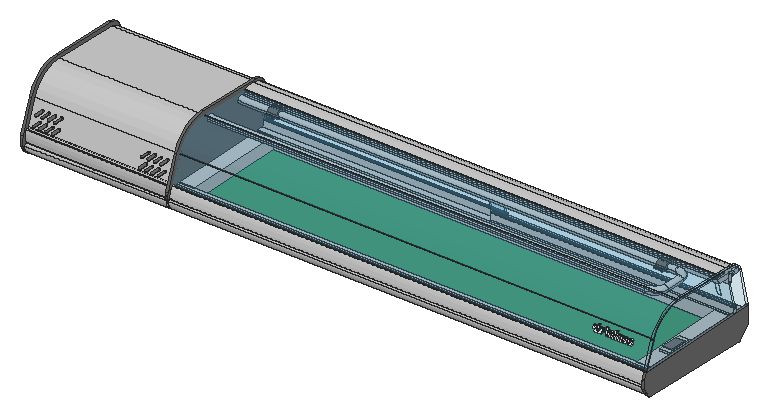
Revit family "QF_INFRICO_VSU8P_250818083515", category Specialty Equipment, Revit 2021
Family settings
  Round Connector Dimension = Use Diameter
  Part Type = Normal
  OmniClass Number = 23.40.40.14
  OmniClass Title = Food Service Equipment
  Work Plane-Based = No
  Always vertical = Yes
  Cut with Voids When Loaded = No
  Shared = No
  Room Calculation Point = No
Parameters (values of type "VSU8P")
  Weight [instance] = 0.00 kg
  Warranty Start Date [instance] = ""
  Warranty Duration [instance] = ""
  Volts [instance] = 230 V
  Volt Free Conn [instance] = no
  URL Recommended Spares List [instance] = ""
  URL Manufacturer [instance] = ""
  URL Cutsheet [instance] = ""
  URL Critical Spares List [instance] = ""
  URL = "www.infrico.com"
  Technical Documentation [instance] = ""
  Tag Number [instance] = ""
  Status [instance] = ""
  Start Up Current [instance] = 0 A
  Specification by User [instance] = ""
  Specification by Manufacturer [instance] = ""
  Sound Level [instance] = ""
  Show Logo [instance] = yes
  Show Clearances [instance] = yes
  Service Life Duration [instance] = ""
  Serial Number [instance] = ""
  Seismic Rating [instance] = ""
  SMACNA No [instance] = ""
  Revision Code [instance] = ""
  Revision [instance] = ""
  Production Year [instance] = ""
  Potential Equalisation [instance] = no
  Point Load [instance] = 0
  Phase [instance] = 1
  Other Equipment Approvals [instance] = ""
  Operational Current [instance] = 0 A
  Number of Poles [instance] = 2
  No Load Power Draw [instance] = no
  NAFEM Spec ID Number [instance] = ""
  Model Warning [instance] = ""
  Model = "VSU8P"
  Min Ckt Ampacity [instance] = 0 A
  Max Overcurrent Protection [instance] = 0 A
  Masterspec [instance] = ""
  Manufacturer = "INFRICO"
  Main switch integrated [instance] = no
  Length Actual [instance] = 1972 mm
  Item Number [instance] = ""
  Installed By [instance] = ""
  Installation Date [instance] = ""
  Identify Quantity as Lot [instance] = no
  ID [instance] = ""
  Hygiene Approval [instance] = ""
  Height Actual [instance] = 230 mm
  HP power [instance] = ""
  Furnished By [instance] = ""
  Foodservice Equipment Identifier [instance] = no
  FL Amps [instance] = 0 A
  Electrical Remarks [instance] = ""
  Electric power [instance] = 200 W
  Electric Connection Type [instance] = ""
  Elec Conn RI Height [instance] = 0 mm
  Elec Conn Connection Height [instance] = 0 mm
  ETL Approved [instance] = no
  Description = "SUSHI FISH AND SEAFOOD DISPLAY CASE - R600"
  Depth Actual [instance] = 410 mm
  Default Elevation = 0 mm
  Cycle [instance] = 50 Hz
  Cost = 0
  Connection to energy optimisation system [instance] = yes
  Conn Plug [instance] = ""
  Conn Conduit [instance] = no
  Centralized building control system with digital interface [instance] = ""
  CSI MasterFormat [instance] = ""
  CE Approved [instance] = no
  Barcode [instance] = 0
  Author [instance] = ""
  Asset Identifier [instance] = ""
  Apparent Power [instance] = 200 VA
  Accessory [instance] = no
Reference planes
  plane 1 "Center (Front/Back)": y = 0
  plane 2: z = 0
  plane 3 "Center (Left/Right)": x = 0
Forms (mm)
  Extrusion 1, solid, not visible
    sketch origin (1942.095, -69.503, 10) x (1, 0, 0) y (0, 1, 0)
      loop
        line (-2, 2) -> (-2, -2) -> (2, -2) -> (2, 2) -> (-2, 2)
    from -2 to 2
Dimensions and locks
  locked: nested 2 to Extrusion 1 at 2  (x2)
  aligned and locked: level to plane 2
Nested families
  nested 1: "QF_INFRICO_VSU8P_2920" at (0, 0, 0), type "VSU8P"
    with Weight 0.00 kg, Warranty Start Date "", Warranty Duration "", URL Cutsheet "", Technical Documentation "", Tag Number "", Status "", Specification by User "", Specification by Manufacturer "", Sound Level "", Solid Fuel Type "", Show Logo yes, Show Clearances yes, Show Clearance yes, Service Life Duration "", Serial Number "", Seismic Rating "", SMACNA No "", Revision Code "", Revision "", Production Year "", Point Load 0, Other Equipment Approvals "", NAFEM Spec ID Number "", Model Warning "", Masterspec "", Length Actual 1972 mm, Item Number "", Installed By "", Installation Date "", Identify Quantity as Lot yes, ID "", Hygiene Approval "", Height Actual 230 mm, Furnished By "", Foodservice Equipment Identifier yes, ETL Approved yes, Depth Actual 410 mm, CSI MasterFormat "", CE Approved no, Barcode "", Author "", Asset Identifier "", Accessory no
  nested 2: "CONN_POINT_ELE_2D___Generic_Annotation" at (1942.095, -69.503, 8), type "CONN_POINT_ELE_2D___Generic_Annotation"
    with Onboard connection annotation symbol visibility yes
Connectors
  electrical at (1942.095, -69.503, 8), driven by "Apparent Power", driven by "Number of Poles", driven by "Volts"
    settings: on Extrusion 1, index 1, voltage 230 V, apparent load 0 VA, apparent load phase1 200 VA, apparent load phase2 0 VA, apparent load phase3 0 VA, power factor 1, load classification "Other", number of poles 2, system type 31, power factor state 1, is connector primary yes, connector utility no, sub classification motor no, connector description "Electrical connection for VSU8P"
Definition of nested family "QF_INFRICO_VSU8P_2920"
  Parameters (values of type "VSU8P")
    Weight [instance] = 0.00 kg
    Warranty Start Date [instance] = ""
    Warranty Duration [instance] = ""
    URL Cutsheet [instance] = ""
    URL = "www.infrico.com"
    Technical Documentation [instance] = ""
    Tag Number [instance] = ""
    Status [instance] = ""
    Specification by User [instance] = ""
    Specification by Manufacturer [instance] = ""
    Sound Level [instance] = ""
    Solid Fuel Type [instance] = ""
    Show Logo [instance] = yes
    Show Clearances [instance] = yes
    Show Clearance [instance] = yes
    Service Life Duration [instance] = ""
    Serial Number [instance] = ""
    Seismic Rating [instance] = ""
    SMACNA No [instance] = ""
    Revision Code [instance] = ""
    Revision [instance] = ""
    Production Year [instance] = ""
    Point Load [instance] = 0
    Other Equipment Approvals [instance] = ""
    NAFEM Spec ID Number [instance] = ""
    Model Warning [instance] = ""
    Model = "VSU8P"
    Masterspec [instance] = ""
    Manufacturer = "INFRICO"
    Length Actual [instance] = 0 mm
    Item Number [instance] = ""
    Installed By [instance] = ""
    Installation Date [instance] = ""
    Identify Quantity as Lot [instance] = yes
    ID [instance] = ""
    Hygiene Approval [instance] = ""
    Height Actual [instance] = 0 mm
    Furnished By [instance] = ""
    Foodservice Equipment Identifier [instance] = yes
    ETL Approved [instance] = yes
    Description = "SUSHI FISH AND SEAFOOD DISPLAY CASE - R600"
    Depth Actual [instance] = 0 mm
    Default Elevation = 0 mm
    CSI MasterFormat [instance] = ""
    CE Approved [instance] = yes
    Barcode [instance] = ""
    Author [instance] = ""
    Asset Identifier [instance] = ""
    Assembly Code = "E1090320"
    Accessory [instance] = yes
  Reference planes
    plane 1 "Back": y = 0
    plane 2: z = 0
    plane 3 "Left": x = 0
    plane 4 "Right": x = 1972
    plane 5 "Front": y = -410
    plane 6 "Top": z = 230
  Forms (mm)
    Extrusion 1, solid
      sketch origin (0, 0, 0) x (0, 1, 0) y (0, 0, 1)
        loop
          arc (-36, 5) -> (-33.764, 5.528) -> (-32, 7) r 5
          line (-32, 7) -> (-1, 42)
          arc (-1, 42) -> (-0.257, 43.419) -> (0, 45) r 5
          line (0, 45) -> (0, 93) -> (-25, 203)
          arc (-25, 203) -> (-37.292, 222.429) -> (-59, 230) r 34.907
          line (-59, 230) -> (-266.176, 230)
          arc (-266.176, 230) -> (-331.51, 209.383) -> (-373.176, 155) r 113.827
          line (-373.176, 155) -> (-407.176, 61)
          arc (-407.176, 61) -> (-407.489, 29.671) -> (-388.176, 5) r 47.366
          line (-388.176, 5) -> (-36, 5)
      from 0 to 8
    Extrusion 2, solid
      sketch origin (458, 0, 0) x (0, 1, 0) y (0, 0, 1)
        loop
          line (-59, 230) -> (-266.176, 230)
          arc (-266.176, 230) -> (-331.51, 209.383) -> (-373.176, 155) r 113.827
          line (-373.176, 155) -> (-407.176, 61)
          arc (-407.176, 61) -> (-408.779, 55.576) -> (-409.723, 50) r 47.366
          arc (-409.723, 50) -> (-407.199, 42.249) -> (-399.723, 39) r 9.929
          line (-399.723, 39) -> (-362.091, 39) -> (-362.091, 5) -> (-95.091, 5) -> (-95.091, 78) -> (-58.091, 78) -> (-58.091, 85) -> (-4.091, 85) -> (-4.091, 111) -> (-25, 203)
          arc (-25, 203) -> (-37.292, 222.429) -> (-59, 230) r 34.907
      from 0 to 8
    Extrusion 3, solid
      sketch origin (0, 0, 0) x (0, 1, 0) y (0, 0, 1)
        loop
          line (-59, 221) -> (-266.176, 221)
          arc (-266.176, 221) -> (-326.388, 201.982) -> (-364.752, 151.829) r 104.827
          line (-364.752, 151.829) -> (-398, 59.909) -> (-396.119, 59.228) -> (-389.691, 77) -> (-387.723, 77) -> (-384.723, 74) -> (-379.723, 74) -> (-379.723, 49)
          arc (-379.723, 49) -> (-382.652, 41.929) -> (-389.723, 39) r 10
          line (-389.723, 39) -> (-399.723, 39)
          arc (-399.723, 39) -> (-403.098, 36.729) -> (-404.723, 33) r 7.268
          arc (-404.723, 33) -> (-399.374, 15.527) -> (-382.723, 8) r 22.18
          line (-382.723, 8) -> (-36.98, 8) -> (-4.091, 45) -> (-4.091, 85) -> (-20, 85) -> (-20, 154) -> (-30, 197)
          arc (-30, 197) -> (-40.178, 214.222) -> (-59, 221) r 29.521
      from 8 to 458
    Extrusion 4, solid
      sketch origin (0, 0, 0) x (0, 1, 0) y (0, 0, 1)
        loop
          line (-398, 77) -> (-399, 77)
          arc (-399, 77) -> (-399.594, 76.594) -> (-400, 76) r 1.947
          arc (-400, 76) -> (-402, 59) -> (-400, 42) r 73.25
          line (-400, 42) -> (-398, 42) -> (-398, 49) -> (-390, 49) -> (-390, 42) -> (-388, 42) -> (-388, 77) -> (-389, 77) -> (-390, 76) -> (-390, 57) -> (-398, 57) -> (-398, 77)
      from 8 to 458
    Extrusion 5, solid
      sketch origin (0, 0, 0) x (0, 1, 0) y (0, 0, 1)
        loop
          arc (-404.723, 33) -> (-399.374, 15.527) -> (-382.723, 8) r 22.18
          line (-382.723, 8) -> (-382.723, 10)
          arc (-382.723, 10) -> (-397.873, 16.849) -> (-402.74, 32.746) r 20.18
          arc (-402.74, 32.746) -> (-401.652, 35.337) -> (-399.386, 37) r 5.268
          line (-399.386, 37) -> (-389.723, 37)
          arc (-389.723, 37) -> (-381.238, 40.515) -> (-377.723, 49) r 12
          line (-377.723, 49) -> (-377.723, 72) -> (-369.723, 72) -> (-369.723, 63) -> (-367.723, 63) -> (-367.723, 74) -> (-379.723, 74) -> (-379.723, 49)
          arc (-379.723, 49) -> (-382.652, 41.929) -> (-389.723, 39) r 10
          line (-389.723, 39) -> (-399.723, 39)
          arc (-399.723, 39) -> (-403.098, 36.729) -> (-404.723, 33) r 7.268
      from 466 to 1964
    Extrusion 6, solid
      sketch origin (-8, 0, 0) x (0, 1, 0) y (0, 0, 1)
        loop
          arc (-404.723, 33) -> (-399.374, 15.527) -> (-382.723, 8) r 22.18
          line (-382.723, 8) -> (-382.723, 10)
          arc (-382.723, 10) -> (-397.873, 16.849) -> (-402.74, 32.746) r 20.18
          arc (-402.74, 32.746) -> (-401.652, 35.337) -> (-399.386, 37) r 5.268
          line (-399.386, 37) -> (-389.723, 37) -> (-389.723, 39) -> (-399.723, 39)
          arc (-399.723, 39) -> (-403.098, 36.729) -> (-404.723, 33) r 7.268
      from 466 to 474
    Extrusion 7, solid
      sketch origin (0, 0, 0) x (0, 1, 0) y (0, 0, 1)
        loop
          line (-379.723, 66) -> (-382.723, 66) -> (-382.723, 49)
          arc (-382.723, 49) -> (-384.774, 44.05) -> (-389.723, 42) r 7
          line (-389.723, 42) -> (-391.565, 51.238) -> (-383.884, 72.475) -> (-385.765, 73.155) -> (-392.568, 54.348) -> (-399.15, 56.729) -> (-392.346, 75.541) -> (-393.131, 76.133)
          arc (-393.131, 76.133) -> (-393.871, 76.325) -> (-394.531, 75.937) r 1
          arc (-394.531, 75.937) -> (-402.595, 60.751) -> (-405.533, 43.81) r 54.562
          line (-405.533, 43.81) -> (-404.723, 43) -> (-398.723, 43) -> (-397.723, 39) -> (-389.723, 39)
          arc (-389.723, 39) -> (-382.652, 41.929) -> (-379.723, 49) r 10
          line (-379.723, 49) -> (-379.723, 66)
      from 466 to 1964
    Extrusion 8, solid
      sketch origin (0, 0, 0) x (0, 1, 0) y (0, 0, 1)
        loop
          line (-84.091, 221) -> (-84.091, 216) -> (-109.091, 216) -> (-109.091, 210) -> (-69.091, 210) -> (-69.091, 215) -> (-62.091, 215) -> (-62.091, 210) -> (-59.091, 210) -> (-59.091, 220)
          arc (-59.091, 220) -> (-51.525, 219.498) -> (-44.091, 218) r 57.25
          line (-44.091, 218) -> (-36.091, 211) -> (-34.774, 212.505)
          arc (-34.774, 212.505) -> (-54.577, 225.298) -> (-77.774, 229.505) r 60.199
          arc (-77.774, 229.505) -> (-93.946, 228.105) -> (-109.774, 224.505) r 118.311
          line (-109.774, 224.505) -> (-109.774, 221) -> (-84.091, 221)
      from 466 to 1964
    Extrusion 9, solid
      sketch origin (0, 0, 0) x (0, 1, 0) y (0, 0, 1)
        loop
          line (-84.091, 221) -> (-266.176, 221)
          arc (-266.176, 221) -> (-326.388, 201.982) -> (-364.752, 151.829) r 104.827
          line (-364.752, 151.829) -> (-399.15, 56.729) -> (-394.448, 55.028) -> (-360.05, 150.128)
          arc (-360.05, 150.128) -> (-323.516, 197.889) -> (-266.176, 216) r 99.827
          line (-266.176, 216) -> (-84.091, 216) -> (-84.091, 221)
      from 466 to 1964
    Extrusion 10, solid
      sketch origin (0, 0, 0) x (0, 1, 0) y (0, 0, 1)
        loop
          line (-110.091, 210) -> (-108.466, 197) -> (-66.091, 197) -> (-66.091, 198) -> (-68.091, 198) -> (-69.091, 199) -> (-69.091, 207) -> (-58.091, 207) -> (-58.091, 199) -> (-59.091, 198) -> (-61.091, 198) -> (-61.091, 197) -> (-53.091, 197) -> (-53.091, 198) -> (-55.091, 198) -> (-56.091, 199) -> (-56.091, 207) -> (-45.091, 207) -> (-45.091, 199) -> (-46.091, 198) -> (-48.091, 198) -> (-48.091, 197) -> (-31.091, 197) -> (-33.091, 210) -> (-110.091, 210)
      from 466 to 1964
    Extrusion 11, solid
      sketch origin (0, 500, 0) x (0, 1, 0) y (0, 0, 1)
        loop
          line (-504.091, 85) -> (-558.091, 85) -> (-558.091, 10) -> (-882.723, 10) -> (-882.723, 8) -> (-536.98, 8) -> (-504.091, 45) -> (-504.091, 85)
      from 466 to 1964
    Extrusion 12, solid
      sketch origin (466, 500, 0) x (0, 1, 0) y (0, 0, 1)
        loop
          line (-558.091, 85) -> (-867.723, 74) -> (-867.723, 10) -> (-558.091, 10) -> (-558.091, 85)
      from 0 to 50
    Extrusion 13, solid
      sketch origin (1914, 500, 0) x (0, 1, 0) y (0, 0, 1)
        loop
          line (-558.091, 85) -> (-867.723, 74) -> (-867.723, 10) -> (-558.091, 10) -> (-558.091, 85)
      from 0 to 50
    Extrusion 14, solid
      sketch origin (0, 500, 0) x (0, 1, 0) y (0, 0, 1)
        loop
          line (-558.091, 47) -> (-558.091, 49) -> (-867.723, 38) -> (-867.723, 36) -> (-558.091, 47)
      from 516 to 1914
    Extrusion 15, solid
      sketch origin (466, -500, 0) x (0, 1, 0) y (0, 0, 1)
        loop
          line (453.909, 198) -> (453.909, 206) -> (444.909, 206) -> (444.909, 198) -> (446.909, 198) -> (446.909, 197) -> (444.409, 197) -> (444.409, 181) -> (446.409, 181) -> (446.409, 187) -> (452.409, 187) -> (452.409, 181) -> (454.409, 181) -> (454.409, 197) -> (451.909, 197) -> (451.909, 198) -> (453.909, 198)
      from 0 to 767
    Extrusion 16, solid
      sketch origin (1549, -513, 0) x (0, 1, 0) y (0, 0, 1)
        loop
          line (453.909, 198) -> (453.909, 206) -> (444.909, 206) -> (444.909, 198) -> (446.909, 198) -> (446.909, 197) -> (444.409, 197) -> (444.409, 181) -> (446.409, 181) -> (446.409, 187) -> (452.409, 187) -> (452.409, 181) -> (454.409, 181) -> (454.409, 197) -> (451.909, 197) -> (451.909, 198) -> (453.909, 198)
      from -352 to 415
    Extrusion 17, solid
      sketch origin (466, -480, 286) x (0, 1, 0) y (0, 0, 1)
        loop
          line (454.409, -201) -> (454.409, -181) -> (452.409, -181) -> (452.409, -187) -> (446.409, -187) -> (446.409, -181) -> (444.409, -181) -> (444.409, -201) -> (454.409, -201)
      from 0 to 767
    Extrusion 18, solid
      sketch origin (1549, -493, 286) x (0, 1, 0) y (0, 0, 1)
        loop
          line (454.409, -201) -> (454.409, -181) -> (452.409, -181) -> (452.409, -187) -> (446.409, -187) -> (446.409, -181) -> (444.409, -181) -> (444.409, -201) -> (454.409, -201)
      from -352 to 415
    Extrusion 19, solid
      sketch origin (352, -500, 0) x (0, 1, 0) y (0, 0, 1)
        loop
          line (472.409, 101.654) -> (451.257, 185.55) -> (446.409, 184.328) -> (467.561, 100.432) -> (472.409, 101.654)
      from 841 to 881
    Extrusion 20, solid
      sketch origin (731, -513.048, 0.191) x (0, 1, 0) y (0, 0, 1)
        loop
          line (472.457, 101.463) -> (451.306, 185.359) -> (446.457, 184.137) -> (467.609, 100.241) -> (472.457, 101.463)
      from 466 to 1181
    Extrusion 21, solid
      sketch origin (1181, 0, 0) x (0, 1, 0) y (0, 0, 1)
        loop
          line (-48.743, 185.55) -> (-53.591, 184.328) -> (-32.439, 100.432) -> (-27.591, 101.654) -> (-33.277, 124.209)
          arc (-33.277, 124.209) -> (-40.106, 143.113) -> (-43.056, 162.995) r 101
          line (-43.056, 162.995) -> (-48.743, 185.55)
      from 0 to 12
    Extrusion 22, solid
      sketch origin (-52, -500, 0) x (0, 1, 0) y (0, 0, 1)
        loop
          line (472.409, 101.654) -> (451.257, 185.55) -> (446.409, 184.328) -> (467.561, 100.432) -> (472.409, 101.654)
      from 518 to 1233
    Extrusion 23, solid
      sketch origin (1912, -13, 0) x (0, 1, 0) y (0, 0, 1)
        loop
          line (-48.743, 185.55) -> (-53.591, 184.328) -> (-32.439, 100.432) -> (-27.591, 101.654) -> (-33.277, 124.209)
          arc (-33.277, 124.209) -> (-40.106, 143.113) -> (-43.056, 162.995) r 101
          line (-43.056, 162.995) -> (-48.743, 185.55)
      from 0 to 12
    Extrusion 24, solid
      sketch origin (1458, -513, 0) x (0, 1, 0) y (0, 0, 1)
        loop
          line (472.409, 101.654) -> (451.257, 185.55) -> (446.409, 184.328) -> (467.561, 100.432) -> (472.409, 101.654)
      from 466 to 506
    Extrusion 25, solid
      sketch origin (1964, 0, 0) x (0, 1, 0) y (0, 0, 1)
        loop
          arc (-36, 5) -> (-33.764, 5.528) -> (-32, 7) r 5
          line (-32, 7) -> (-1, 42)
          arc (-1, 42) -> (-0.257, 43.419) -> (0, 45) r 5
          line (0, 45) -> (0, 91) -> (-401.389, 77) -> (-407.176, 61)
          arc (-407.176, 61) -> (-407.489, 29.671) -> (-388.176, 5) r 47.366
          line (-388.176, 5) -> (-36, 5)
      from 0 to 8
    Extrusion 26, solid
      sketch origin (704, -500, 0) x (0, 1, 0) y (0, 0, 1)
        loop
          line (500, 91) -> (500, 93) -> (475, 203)
          arc (475, 203) -> (462.708, 222.429) -> (441, 230) r 34.907
          line (441, 230) -> (233.824, 230)
          arc (233.824, 230) -> (168.49, 209.383) -> (126.824, 155) r 113.827
          line (126.824, 155) -> (98.611, 77) -> (500, 91)
      from 1260 to 1268
    Extrusion 27, solid, visible <- "Show Logo"
      sketch origin (618.769, -613.278, -535.272) x (1, 0, 0) y (0, 0.340136, 0.940376)
        loop
          line (1208.799, 696.53) -> (1208.799, 719.204) -> (1204.173, 719.204) -> (1204.173, 696.53) -> (1208.799, 696.53)
        loop
          line (1214.779, 713.006) -> (1211.283, 713.006) -> (1211.283, 696.53) -> (1215.772, 696.53) -> (1215.772, 707.832)
          arc (1215.772, 707.832) -> (1217.528, 708.741) -> (1219.417, 709.324) r 11.052
          arc (1219.417, 709.324) -> (1220.929, 708.961) -> (1221.598, 707.557) r 1.806
          line (1221.598, 707.557) -> (1221.598, 696.53) -> (1226.121, 696.53) -> (1226.121, 708.689)
          arc (1226.121, 708.689) -> (1224.637, 712.075) -> (1221.141, 713.281) r 4.607
          arc (1221.141, 713.281) -> (1218.282, 712.674) -> (1215.669, 711.361) r 11.435
          line (1215.669, 711.361) -> (1215.601, 712.184)
          arc (1215.601, 712.184) -> (1215.36, 712.765) -> (1214.779, 713.006) r 0.822
        loop
          line (1238.557, 720.102) -> (1237.306, 720.102)
          arc (1237.306, 720.102) -> (1235.052, 719.926) -> (1232.881, 719.297) r 11.103
          arc (1232.881, 719.297) -> (1230.805, 717.616) -> (1230.024, 715.062) r 4.567
          line (1230.024, 715.062) -> (1230.024, 712.909) -> (1227.351, 712.703) -> (1227.351, 709.374) -> (1230.024, 709.374) -> (1230.024, 696.53) -> (1234.547, 696.53) -> (1234.547, 709.374) -> (1238.249, 709.374) -> (1238.249, 712.938) -> (1234.547, 712.938) -> (1234.547, 714.548)
          arc (1234.547, 714.548) -> (1234.956, 715.705) -> (1236.045, 716.271) r 1.67
          line (1236.045, 716.271) -> (1237.7, 716.399)
          arc (1237.7, 716.399) -> (1238.306, 716.65) -> (1238.557, 717.255) r 0.857
          line (1238.557, 717.255) -> (1238.557, 720.102)
        loop
          line (1239.479, 713.006) -> (1239.479, 696.53) -> (1243.968, 696.53) -> (1243.968, 707.352)
          arc (1243.968, 707.352) -> (1245.873, 708.631) -> (1248.077, 709.268) r 7.435
          line (1248.077, 709.268) -> (1249.241, 709.416)
          arc (1249.241, 709.416) -> (1249.643, 709.758) -> (1249.793, 710.265) r 0.928
          line (1249.793, 710.265) -> (1249.793, 712.458)
          arc (1249.793, 712.458) -> (1249.531, 713.061) -> (1248.912, 713.28) r 0.824
          arc (1248.912, 713.28) -> (1246.197, 712.588) -> (1243.899, 710.984) r 7.833
          line (1243.899, 710.984) -> (1243.726, 713.006) -> (1239.479, 713.006)
        loop
          line (1255.495, 696.53) -> (1255.495, 713.006) -> (1251.006, 713.006) -> (1251.006, 696.53) -> (1255.495, 696.53)
        loop
          arc (1257.421, 701.327) -> (1258.567, 698.188) -> (1261.466, 696.525) r 4.873
          arc (1261.466, 696.525) -> (1264.493, 696.266) -> (1267.521, 696.525) r 17.816
          arc (1267.521, 696.525) -> (1270.575, 699.134) -> (1271.505, 703.041) r 6.481
          line (1271.505, 703.041) -> (1267.187, 703.041) -> (1267.187, 701.67)
          arc (1267.187, 701.67) -> (1266.64, 700.452) -> (1265.442, 699.865) r 1.965
          arc (1265.442, 699.865) -> (1264.547, 699.816) -> (1263.653, 699.865) r 8.196
          arc (1263.653, 699.865) -> (1262.417, 700.415) -> (1261.91, 701.67) r 1.806
          line (1261.91, 701.67) -> (1261.91, 707.9)
          arc (1261.91, 707.9) -> (1262.417, 709.155) -> (1263.653, 709.705) r 1.806
          arc (1263.653, 709.705) -> (1264.547, 709.754) -> (1265.442, 709.705) r 8.196
          arc (1265.442, 709.705) -> (1266.64, 709.118) -> (1267.187, 707.9) r 1.965
          line (1267.187, 707.9) -> (1267.187, 706.838) -> (1271.505, 706.838)
          arc (1271.505, 706.838) -> (1270.524, 710.556) -> (1267.521, 712.959) r 6.132
          arc (1267.521, 712.959) -> (1264.493, 713.294) -> (1261.466, 712.959) r 13.851
          arc (1261.466, 712.959) -> (1258.571, 711.349) -> (1257.421, 708.243) r 4.772
          line (1257.421, 708.243) -> (1257.421, 701.327)
        loop
          arc (1272.916, 701.329) -> (1273.993, 698.345) -> (1276.726, 696.734) r 4.676
          arc (1276.726, 696.734) -> (1278.515, 696.455) -> (1280.318, 696.291) r 28.371
          arc (1280.318, 696.291) -> (1282.122, 696.455) -> (1283.911, 696.734) r 28.371
          arc (1283.911, 696.734) -> (1286.644, 698.345) -> (1287.72, 701.329) r 4.676
          line (1287.72, 701.329) -> (1287.72, 708.242)
          arc (1287.72, 708.242) -> (1286.644, 711.226) -> (1283.911, 712.837) r 4.676
          arc (1283.911, 712.837) -> (1282.122, 713.116) -> (1280.318, 713.28) r 28.371
          arc (1280.318, 713.28) -> (1278.515, 713.116) -> (1276.726, 712.837) r 28.371
          arc (1276.726, 712.837) -> (1273.993, 711.226) -> (1272.916, 708.242) r 4.676
          line (1272.916, 708.242) -> (1272.916, 701.329)
        loop
          line (1277.405, 707.866) -> (1277.405, 701.705)
          arc (1277.405, 701.705) -> (1277.844, 700.556) -> (1278.936, 699.991) r 1.725
          arc (1278.936, 699.991) -> (1279.627, 699.918) -> (1280.318, 699.856) r 46.133
          arc (1280.318, 699.856) -> (1281.01, 699.918) -> (1281.701, 699.991) r 46.133
          arc (1281.701, 699.991) -> (1282.793, 700.556) -> (1283.231, 701.705) r 1.725
          line (1283.231, 701.705) -> (1283.231, 707.866)
          arc (1283.231, 707.866) -> (1282.793, 709.015) -> (1281.701, 709.58) r 1.725
          arc (1281.701, 709.58) -> (1281.01, 709.653) -> (1280.318, 709.716) r 46.133
          arc (1280.318, 709.716) -> (1279.627, 709.653) -> (1278.936, 709.58) r 46.133
          arc (1278.936, 709.58) -> (1277.844, 709.015) -> (1277.405, 707.866) r 1.725
        loop
          arc (1190.339, 696.543) -> (1191.411, 696.987) -> (1191.856, 698.059) r 1.516
          line (1191.856, 698.059) -> (1191.856, 703.891) -> (1196.035, 703.891)
          arc (1196.035, 703.891) -> (1196.79, 704.121) -> (1197.218, 704.782) r 1.147
          line (1197.218, 704.782) -> (1197.218, 706.211)
          arc (1197.218, 706.211) -> (1196.787, 707.258) -> (1195.719, 707.634) r 1.385
          line (1195.719, 707.634) -> (1194.52, 707.634) -> (1197.218, 710.332)
          arc (1197.218, 710.332) -> (1197.605, 711.266) -> (1197.218, 712.2) r 1.321
          line (1197.218, 712.2) -> (1196.495, 712.923)
          arc (1196.495, 712.923) -> (1195.54, 713.338) -> (1194.558, 712.991) r 1.422
          line (1194.558, 712.991) -> (1191.853, 710.286) -> (1191.853, 711.479)
          arc (1191.853, 711.479) -> (1191.443, 712.516) -> (1190.435, 712.992) r 1.516
          line (1190.435, 712.992) -> (1189.514, 712.992)
          arc (1189.514, 712.992) -> (1188.511, 712.514) -> (1188.103, 711.479) r 1.516
          line (1188.103, 711.479) -> (1188.103, 706.83) -> (1182.073, 701.336) -> (1182.073, 707.509) -> (1185.639, 711.075)
          arc (1185.639, 711.075) -> (1186.053, 712.073) -> (1185.639, 713.071) r 1.412
          line (1185.639, 713.071) -> (1184.987, 713.723)
          arc (1184.987, 713.723) -> (1183.939, 714.141) -> (1182.915, 713.667) r 1.428
          line (1182.915, 713.667) -> (1182.073, 712.825) -> (1182.073, 717.784)
          arc (1182.073, 717.784) -> (1181.658, 718.787) -> (1180.655, 719.203) r 1.418
          line (1180.655, 719.203) -> (1179.726, 719.203)
          arc (1179.726, 719.203) -> (1178.723, 718.787) -> (1178.308, 717.784) r 1.418
          line (1178.308, 717.784) -> (1178.308, 712.825) -> (1177.466, 713.667)
          arc (1177.466, 713.667) -> (1176.442, 714.141) -> (1175.394, 713.723) r 1.428
          line (1175.394, 713.723) -> (1174.742, 713.071)
          arc (1174.742, 713.071) -> (1174.328, 712.073) -> (1174.742, 711.075) r 1.412
          line (1174.742, 711.075) -> (1178.308, 707.509) -> (1178.308, 701.336) -> (1172.278, 706.83) -> (1172.278, 711.479)
          arc (1172.278, 711.479) -> (1171.87, 712.514) -> (1170.867, 712.992) r 1.516
          line (1170.867, 712.992) -> (1169.946, 712.992)
          arc (1169.946, 712.992) -> (1168.938, 712.516) -> (1168.528, 711.479) r 1.516
          line (1168.528, 711.479) -> (1168.528, 710.286) -> (1165.823, 712.991)
          arc (1165.823, 712.991) -> (1164.841, 713.338) -> (1163.886, 712.923) r 1.422
          line (1163.886, 712.923) -> (1163.163, 712.2)
          arc (1163.163, 712.2) -> (1162.776, 711.266) -> (1163.163, 710.332) r 1.321
          line (1163.163, 710.332) -> (1165.861, 707.634) -> (1164.662, 707.634)
          arc (1164.662, 707.634) -> (1163.594, 707.258) -> (1163.163, 706.211) r 1.385
          line (1163.163, 706.211) -> (1163.163, 704.782)
          arc (1163.163, 704.782) -> (1163.591, 704.121) -> (1164.346, 703.891) r 1.147
          line (1164.346, 703.891) -> (1168.525, 703.891) -> (1168.525, 698.059)
          arc (1168.525, 698.059) -> (1168.969, 696.987) -> (1170.042, 696.543) r 1.516
          line (1170.042, 696.543) -> (1190.339, 696.543)
      from 0 to 2
    Extrusion 28, solid
      sketch origin (69.494, -19.9, -42) x (1, 0, 0) y (0, 0, 1)
        loop
          arc (355.95, 156.95) -> (351, 156.95) -> (351, 152) r 3.5
          line (351, 152) -> (366.556, 136.444)
          arc (366.556, 136.444) -> (371.506, 136.444) -> (371.506, 141.393) r 3.5
          line (371.506, 141.393) -> (355.95, 156.95)
        loop
          arc (335.95, 156.95) -> (331, 156.95) -> (331, 152) r 3.5
          line (331, 152) -> (346.556, 136.444)
          arc (346.556, 136.444) -> (351.506, 136.444) -> (351.506, 141.393) r 3.5
          line (351.506, 141.393) -> (335.95, 156.95)
        loop
          arc (315.95, 156.95) -> (311, 156.95) -> (311, 152) r 3.5
          line (311, 152) -> (326.556, 136.444)
          arc (326.556, 136.444) -> (331.506, 136.444) -> (331.506, 141.393) r 3.5
          line (331.506, 141.393) -> (315.95, 156.95)
        loop
          arc (295.95, 156.95) -> (291, 156.95) -> (291, 152) r 3.5
          line (291, 152) -> (306.556, 136.444)
          arc (306.556, 136.444) -> (311.506, 136.444) -> (311.506, 141.393) r 3.5
          line (311.506, 141.393) -> (295.95, 156.95)
        loop
          arc (275.95, 156.95) -> (271, 156.95) -> (271, 152) r 3.5
          line (271, 152) -> (286.556, 136.444)
          arc (286.556, 136.444) -> (291.506, 136.444) -> (291.506, 141.393) r 3.5
          line (291.506, 141.393) -> (275.95, 156.95)
        loop
          arc (255.95, 156.95) -> (251, 156.95) -> (251, 152) r 3.5
          line (251, 152) -> (266.556, 136.444)
          arc (266.556, 136.444) -> (271.506, 136.444) -> (271.506, 141.393) r 3.5
          line (271.506, 141.393) -> (255.95, 156.95)
        loop
          arc (355.95, 186.95) -> (351, 186.95) -> (351, 182) r 3.5
          line (351, 182) -> (366.556, 166.444)
          arc (366.556, 166.444) -> (371.506, 166.444) -> (371.506, 171.393) r 3.5
          line (371.506, 171.393) -> (355.95, 186.95)
        loop
          arc (335.95, 186.95) -> (331, 186.95) -> (331, 182) r 3.5
          line (331, 182) -> (346.556, 166.444)
          arc (346.556, 166.444) -> (351.506, 166.444) -> (351.506, 171.393) r 3.5
          line (351.506, 171.393) -> (335.95, 186.95)
        loop
          arc (315.95, 186.95) -> (311, 186.95) -> (311, 182) r 3.5
          line (311, 182) -> (326.556, 166.444)
          arc (326.556, 166.444) -> (331.506, 166.444) -> (331.506, 171.393) r 3.5
          line (331.506, 171.393) -> (315.95, 186.95)
        loop
          arc (295.95, 186.95) -> (291, 186.95) -> (291, 182) r 3.5
          line (291, 182) -> (306.556, 166.444)
          arc (306.556, 166.444) -> (311.506, 166.444) -> (311.506, 171.393) r 3.5
          line (311.506, 171.393) -> (295.95, 186.95)
        loop
          arc (275.95, 186.95) -> (271, 186.95) -> (271, 182) r 3.5
          line (271, 182) -> (286.556, 166.444)
          arc (286.556, 166.444) -> (291.506, 166.444) -> (291.506, 171.393) r 3.5
          line (291.506, 171.393) -> (275.95, 186.95)
        loop
          arc (255.95, 186.95) -> (251, 186.95) -> (251, 182) r 3.5
          line (251, 182) -> (266.556, 166.444)
          arc (266.556, 166.444) -> (271.506, 166.444) -> (271.506, 171.393) r 3.5
          line (271.506, 171.393) -> (255.95, 186.95)
        loop
          arc (180.95, 156.95) -> (176, 156.95) -> (176, 152) r 3.5
          line (176, 152) -> (191.556, 136.444)
          arc (191.556, 136.444) -> (196.506, 136.444) -> (196.506, 141.393) r 3.5
          line (196.506, 141.393) -> (180.95, 156.95)
        loop
          arc (180.95, 186.95) -> (176, 186.95) -> (176, 182) r 3.5
          line (176, 182) -> (191.556, 166.444)
          arc (191.556, 166.444) -> (196.506, 166.444) -> (196.506, 171.393) r 3.5
          line (196.506, 171.393) -> (180.95, 186.95)
        loop
          arc (160.95, 156.95) -> (156, 156.95) -> (156, 152) r 3.5
          line (156, 152) -> (171.556, 136.444)
          arc (171.556, 136.444) -> (176.506, 136.444) -> (176.506, 141.393) r 3.5
          line (176.506, 141.393) -> (160.95, 156.95)
        loop
          arc (160.95, 186.95) -> (156, 186.95) -> (156, 182) r 3.5
          line (156, 182) -> (171.556, 166.444)
          arc (171.556, 166.444) -> (176.506, 166.444) -> (176.506, 171.393) r 3.5
          line (176.506, 171.393) -> (160.95, 186.95)
        loop
          arc (140.95, 156.95) -> (136, 156.95) -> (136, 152) r 3.5
          line (136, 152) -> (151.556, 136.444)
          arc (151.556, 136.444) -> (156.506, 136.444) -> (156.506, 141.393) r 3.5
          line (156.506, 141.393) -> (140.95, 156.95)
        loop
          arc (140.95, 186.95) -> (136, 186.95) -> (136, 182) r 3.5
          line (136, 182) -> (151.556, 166.444)
          arc (151.556, 166.444) -> (156.506, 166.444) -> (156.506, 171.393) r 3.5
          line (156.506, 171.393) -> (140.95, 186.95)
        loop
          arc (60.95, 156.95) -> (56, 156.95) -> (56, 152) r 3.5
          line (56, 152) -> (71.556, 136.444)
          arc (71.556, 136.444) -> (76.506, 136.444) -> (76.506, 141.393) r 3.5
          line (76.506, 141.393) -> (60.95, 156.95)
        loop
          arc (60.95, 186.95) -> (56, 186.95) -> (56, 182) r 3.5
          line (56, 182) -> (71.556, 166.444)
          arc (71.556, 166.444) -> (76.506, 166.444) -> (76.506, 171.393) r 3.5
          line (76.506, 171.393) -> (60.95, 186.95)
        loop
          arc (40.95, 156.95) -> (36, 156.95) -> (36, 152) r 3.5
          line (36, 152) -> (51.556, 136.444)
          arc (51.556, 136.444) -> (56.506, 136.444) -> (56.506, 141.393) r 3.5
          line (56.506, 141.393) -> (40.95, 156.95)
        loop
          arc (40.95, 186.95) -> (36, 186.95) -> (36, 182) r 3.5
          line (36, 182) -> (51.556, 166.444)
          arc (51.556, 166.444) -> (56.506, 166.444) -> (56.506, 171.393) r 3.5
          line (56.506, 171.393) -> (40.95, 186.95)
        loop
          arc (20.95, 156.95) -> (16, 156.95) -> (16, 152) r 3.5
          line (16, 152) -> (31.556, 136.444)
          arc (31.556, 136.444) -> (36.506, 136.444) -> (36.506, 141.393) r 3.5
          line (36.506, 141.393) -> (20.95, 156.95)
        loop
          arc (20.95, 186.95) -> (16, 186.95) -> (16, 182) r 3.5
          line (16, 182) -> (31.556, 166.444)
          arc (31.556, 166.444) -> (36.506, 166.444) -> (36.506, 171.393) r 3.5
          line (36.506, 171.393) -> (20.95, 186.95)
        loop
          arc (0.95, 156.95) -> (-4, 156.95) -> (-4, 152) r 3.5
          line (-4, 152) -> (11.556, 136.444)
          arc (11.556, 136.444) -> (16.506, 136.444) -> (16.506, 141.393) r 3.5
          line (16.506, 141.393) -> (0.95, 156.95)
        loop
          arc (0.95, 186.95) -> (-4, 186.95) -> (-4, 182) r 3.5
          line (-4, 182) -> (11.556, 166.444)
          arc (11.556, 166.444) -> (16.506, 166.444) -> (16.506, 171.393) r 3.5
          line (16.506, 171.393) -> (0.95, 186.95)
        loop
          arc (-19.05, 156.95) -> (-24, 156.95) -> (-24, 152) r 3.5
          line (-24, 152) -> (-8.444, 136.444)
          arc (-8.444, 136.444) -> (-3.494, 136.444) -> (-3.494, 141.393) r 3.5
          line (-3.494, 141.393) -> (-19.05, 156.95)
        loop
          arc (-19.05, 186.95) -> (-24, 186.95) -> (-24, 182) r 3.5
          line (-24, 182) -> (-8.444, 166.444)
          arc (-8.444, 166.444) -> (-3.494, 166.444) -> (-3.494, 171.393) r 3.5
          line (-3.494, 171.393) -> (-19.05, 186.95)
        loop
          arc (-39.05, 156.95) -> (-44, 156.95) -> (-44, 152) r 3.5
          line (-44, 152) -> (-28.444, 136.444)
          arc (-28.444, 136.444) -> (-23.494, 136.444) -> (-23.494, 141.393) r 3.5
          line (-23.494, 141.393) -> (-39.05, 156.95)
        loop
          arc (-39.05, 186.95) -> (-44, 186.95) -> (-44, 182) r 3.5
          line (-44, 182) -> (-28.444, 166.444)
          arc (-28.444, 166.444) -> (-23.494, 166.444) -> (-23.494, 171.393) r 3.5
          line (-23.494, 171.393) -> (-39.05, 186.95)
      from 0 to 2
    Extrusion 29, solid
      sketch origin (69.494, 14.914, 4.3) x (1, 0, 0) y (0, -0.226513, 0.974008)
        loop
          arc (355.95, 186.95) -> (351, 186.95) -> (351, 182) r 3.5
          line (351, 182) -> (366.556, 166.444)
          arc (366.556, 166.444) -> (371.506, 166.444) -> (371.506, 171.393) r 3.5
          line (371.506, 171.393) -> (355.95, 186.95)
        loop
          arc (335.95, 186.95) -> (331, 186.95) -> (331, 182) r 3.5
          line (331, 182) -> (346.556, 166.444)
          arc (346.556, 166.444) -> (351.506, 166.444) -> (351.506, 171.393) r 3.5
          line (351.506, 171.393) -> (335.95, 186.95)
        loop
          arc (315.95, 186.95) -> (311, 186.95) -> (311, 182) r 3.5
          line (311, 182) -> (326.556, 166.444)
          arc (326.556, 166.444) -> (331.506, 166.444) -> (331.506, 171.393) r 3.5
          line (331.506, 171.393) -> (315.95, 186.95)
        loop
          arc (295.95, 186.95) -> (291, 186.95) -> (291, 182) r 3.5
          line (291, 182) -> (306.556, 166.444)
          arc (306.556, 166.444) -> (311.506, 166.444) -> (311.506, 171.393) r 3.5
          line (311.506, 171.393) -> (295.95, 186.95)
        loop
          arc (275.95, 186.95) -> (271, 186.95) -> (271, 182) r 3.5
          line (271, 182) -> (286.556, 166.444)
          arc (286.556, 166.444) -> (291.506, 166.444) -> (291.506, 171.393) r 3.5
          line (291.506, 171.393) -> (275.95, 186.95)
        loop
          arc (255.95, 186.95) -> (251, 186.95) -> (251, 182) r 3.5
          line (251, 182) -> (266.556, 166.444)
          arc (266.556, 166.444) -> (271.506, 166.444) -> (271.506, 171.393) r 3.5
          line (271.506, 171.393) -> (255.95, 186.95)
        loop
          arc (180.95, 186.95) -> (176, 186.95) -> (176, 182) r 3.5
          line (176, 182) -> (191.556, 166.444)
          arc (191.556, 166.444) -> (196.506, 166.444) -> (196.506, 171.393) r 3.5
          line (196.506, 171.393) -> (180.95, 186.95)
        loop
          arc (160.95, 186.95) -> (156, 186.95) -> (156, 182) r 3.5
          line (156, 182) -> (171.556, 166.444)
          arc (171.556, 166.444) -> (176.506, 166.444) -> (176.506, 171.393) r 3.5
          line (176.506, 171.393) -> (160.95, 186.95)
        loop
          arc (140.95, 186.95) -> (136, 186.95) -> (136, 182) r 3.5
          line (136, 182) -> (151.556, 166.444)
          arc (151.556, 166.444) -> (156.506, 166.444) -> (156.506, 171.393) r 3.5
          line (156.506, 171.393) -> (140.95, 186.95)
        loop
          arc (60.95, 186.95) -> (56, 186.95) -> (56, 182) r 3.5
          line (56, 182) -> (71.556, 166.444)
          arc (71.556, 166.444) -> (76.506, 166.444) -> (76.506, 171.393) r 3.5
          line (76.506, 171.393) -> (60.95, 186.95)
        loop
          arc (40.95, 186.95) -> (36, 186.95) -> (36, 182) r 3.5
          line (36, 182) -> (51.556, 166.444)
          arc (51.556, 166.444) -> (56.506, 166.444) -> (56.506, 171.393) r 3.5
          line (56.506, 171.393) -> (40.95, 186.95)
        loop
          arc (20.95, 186.95) -> (16, 186.95) -> (16, 182) r 3.5
          line (16, 182) -> (31.556, 166.444)
          arc (31.556, 166.444) -> (36.506, 166.444) -> (36.506, 171.393) r 3.5
          line (36.506, 171.393) -> (20.95, 186.95)
        loop
          arc (0.95, 186.95) -> (-4, 186.95) -> (-4, 182) r 3.5
          line (-4, 182) -> (11.556, 166.444)
          arc (11.556, 166.444) -> (16.506, 166.444) -> (16.506, 171.393) r 3.5
          line (16.506, 171.393) -> (0.95, 186.95)
        loop
          arc (-19.05, 186.95) -> (-24, 186.95) -> (-24, 182) r 3.5
          line (-24, 182) -> (-8.444, 166.444)
          arc (-8.444, 166.444) -> (-3.494, 166.444) -> (-3.494, 171.393) r 3.5
          line (-3.494, 171.393) -> (-19.05, 186.95)
        loop
          arc (-39.05, 186.95) -> (-44, 186.95) -> (-44, 182) r 3.5
          line (-44, 182) -> (-28.444, 166.444)
          arc (-28.444, 166.444) -> (-23.494, 166.444) -> (-23.494, 171.393) r 3.5
          line (-23.494, 171.393) -> (-39.05, 186.95)
      from 0 to 2
    Extrusion 30, solid
      sketch origin (0, -429.349, -32.367) x (1, 0, 0) y (0, 0.340136, 0.940376)
        loop
          line (393.05, 141.95) -> (377.494, 126.393)
          arc (377.494, 126.393) -> (377.494, 121.444) -> (382.444, 121.444) r 3.5
          line (382.444, 121.444) -> (398, 137)
          arc (398, 137) -> (398, 141.95) -> (393.05, 141.95) r 3.5
        loop
          line (393.05, 171.95) -> (377.494, 156.393)
          arc (377.494, 156.393) -> (377.494, 151.444) -> (382.444, 151.444) r 3.5
          line (382.444, 151.444) -> (398, 167)
          arc (398, 167) -> (398, 171.95) -> (393.05, 171.95) r 3.5
        loop
          line (413.05, 141.95) -> (397.494, 126.393)
          arc (397.494, 126.393) -> (397.494, 121.444) -> (402.444, 121.444) r 3.5
          line (402.444, 121.444) -> (418, 137)
          arc (418, 137) -> (418, 141.95) -> (413.05, 141.95) r 3.5
        loop
          line (413.05, 171.95) -> (397.494, 156.393)
          arc (397.494, 156.393) -> (397.494, 151.444) -> (402.444, 151.444) r 3.5
          line (402.444, 151.444) -> (418, 167)
          arc (418, 167) -> (418, 171.95) -> (413.05, 171.95) r 3.5
        loop
          line (433.05, 141.95) -> (417.494, 126.393)
          arc (417.494, 126.393) -> (417.494, 121.444) -> (422.444, 121.444) r 3.5
          line (422.444, 121.444) -> (438, 137)
          arc (438, 137) -> (438, 141.95) -> (433.05, 141.95) r 3.5
        loop
          line (433.05, 171.95) -> (417.494, 156.393)
          arc (417.494, 156.393) -> (417.494, 151.444) -> (422.444, 151.444) r 3.5
          line (422.444, 151.444) -> (438, 167)
          arc (438, 167) -> (438, 171.95) -> (433.05, 171.95) r 3.5
        loop
          line (373.05, 141.95) -> (357.494, 126.393)
          arc (357.494, 126.393) -> (357.494, 121.444) -> (362.444, 121.444) r 3.5
          line (362.444, 121.444) -> (378, 137)
          arc (378, 137) -> (378, 141.95) -> (373.05, 141.95) r 3.5
        loop
          line (373.05, 171.95) -> (357.494, 156.393)
          arc (357.494, 156.393) -> (357.494, 151.444) -> (362.444, 151.444) r 3.5
          line (362.444, 151.444) -> (378, 167)
          arc (378, 167) -> (378, 171.95) -> (373.05, 171.95) r 3.5
        loop
          line (58.05, 141.95) -> (42.494, 126.393)
          arc (42.494, 126.393) -> (42.494, 121.444) -> (47.444, 121.444) r 3.5
          line (47.444, 121.444) -> (63, 137)
          arc (63, 137) -> (63, 141.95) -> (58.05, 141.95) r 3.5
        loop
          line (58.05, 171.95) -> (42.494, 156.393)
          arc (42.494, 156.393) -> (42.494, 151.444) -> (47.444, 151.444) r 3.5
          line (47.444, 151.444) -> (63, 167)
          arc (63, 167) -> (63, 171.95) -> (58.05, 171.95) r 3.5
        loop
          line (78.05, 141.95) -> (62.494, 126.393)
          arc (62.494, 126.393) -> (62.494, 121.444) -> (67.444, 121.444) r 3.5
          line (67.444, 121.444) -> (83, 137)
          arc (83, 137) -> (83, 141.95) -> (78.05, 141.95) r 3.5
        loop
          line (78.05, 171.95) -> (62.494, 156.393)
          arc (62.494, 156.393) -> (62.494, 151.444) -> (67.444, 151.444) r 3.5
          line (67.444, 151.444) -> (83, 167)
          arc (83, 167) -> (83, 171.95) -> (78.05, 171.95) r 3.5
        loop
          line (98.05, 141.95) -> (82.494, 126.393)
          arc (82.494, 126.393) -> (82.494, 121.444) -> (87.444, 121.444) r 3.5
          line (87.444, 121.444) -> (103, 137)
          arc (103, 137) -> (103, 141.95) -> (98.05, 141.95) r 3.5
        loop
          line (98.05, 171.95) -> (82.494, 156.393)
          arc (82.494, 156.393) -> (82.494, 151.444) -> (87.444, 151.444) r 3.5
          line (87.444, 151.444) -> (103, 167)
          arc (103, 167) -> (103, 171.95) -> (98.05, 171.95) r 3.5
        loop
          line (38.05, 141.95) -> (22.494, 126.393)
          arc (22.494, 126.393) -> (22.494, 121.444) -> (27.444, 121.444) r 3.5
          line (27.444, 121.444) -> (43, 137)
          arc (43, 137) -> (43, 141.95) -> (38.05, 141.95) r 3.5
        loop
          line (38.05, 171.95) -> (22.494, 156.393)
          arc (22.494, 156.393) -> (22.494, 151.444) -> (27.444, 151.444) r 3.5
          line (27.444, 151.444) -> (43, 167)
          arc (43, 167) -> (43, 171.95) -> (38.05, 171.95) r 3.5
      from 0 to 2
    Extrusion 31, solid
      sketch origin (0, -500, 0) x (0, 1, 0) y (0, 0, 1)
        loop
          line (117.277, 8) -> (137.909, 8) -> (137.909, 10) -> (117.277, 10) -> (117.277, 8)
        loop
          line (404.909, 8) -> (463.02, 8) -> (495.909, 45) -> (495.909, 85) -> (493.909, 85) -> (493.909, 45.76) -> (462.122, 10) -> (404.909, 10) -> (404.909, 8)
      from 458 to 466
    Revolve 32, solid
      sketch origin (24, -70, 0) x (0, 1, 0) y (0, 0, 1)
        loop
          line (0, 0) -> (0, 8) -> (-13, 8)
          arc (-13, 8) -> (-14.414, 7.414) -> (-15, 6) r 2
          line (-15, 6) -> (-15, 2) -> (-12, 2) -> (-12, 0) -> (0, 0)
        axis (0, 0) -> (0, 8)
      angle from 0 to 360
    Revolve 33, solid
      sketch origin (24, -350, 0) x (0, 1, 0) y (0, 0, 1)
        loop
          line (0, 0) -> (0, 8) -> (-13, 8)
          arc (-13, 8) -> (-14.414, 7.414) -> (-15, 6) r 2
          line (-15, 6) -> (-15, 2) -> (-12, 2) -> (-12, 0) -> (0, 0)
        axis (0, 0) -> (0, 8)
      angle from 0 to 360
    Revolve 34, solid
      sketch origin (522, -110, 0) x (0, 1, 0) y (0, 0, 1)
        loop
          line (0, 0) -> (0, 8) -> (-13, 8)
          arc (-13, 8) -> (-14.414, 7.414) -> (-15, 6) r 2
          line (-15, 6) -> (-15, 2) -> (-12, 2) -> (-12, 0) -> (0, 0)
        axis (0, 0) -> (0, 8)
      angle from 0 to 360
    Revolve 35, solid
      sketch origin (522, -350, 0) x (0, 1, 0) y (0, 0, 1)
        loop
          line (0, 0) -> (0, 8) -> (-13, 8)
          arc (-13, 8) -> (-14.414, 7.414) -> (-15, 6) r 2
          line (-15, 6) -> (-15, 2) -> (-12, 2) -> (-12, 0) -> (0, 0)
        axis (0, 0) -> (0, 8)
      angle from 0 to 360
    Revolve 36, solid
      sketch origin (1908, -110, 0) x (0, 1, 0) y (0, 0, 1)
        loop
          line (0, 0) -> (0, 8) -> (-13, 8)
          arc (-13, 8) -> (-14.414, 7.414) -> (-15, 6) r 2
          line (-15, 6) -> (-15, 2) -> (-12, 2) -> (-12, 0) -> (0, 0)
        axis (0, 0) -> (0, 8)
      angle from 0 to 360
    Revolve 37, solid
      sketch origin (1908, -350, 0) x (0, 1, 0) y (0, 0, 1)
        loop
          line (0, 0) -> (0, 8) -> (-13, 8)
          arc (-13, 8) -> (-14.414, 7.414) -> (-15, 6) r 2
          line (-15, 6) -> (-15, 2) -> (-12, 2) -> (-12, 0) -> (0, 0)
        axis (0, 0) -> (0, 8)
      angle from 0 to 360
    Revolve 38, solid
      sketch origin (398, -210, 0) x (0, 1, 0) y (0, 0, 1)
        loop
          line (0, 0) -> (0, 8) -> (-13, 8)
          arc (-13, 8) -> (-14.414, 7.414) -> (-15, 6) r 2
          line (-15, 6) -> (-15, 2) -> (-12, 2) -> (-12, 0) -> (0, 0)
        axis (0, 0) -> (0, 8)
      angle from 0 to 360
    Extrusion 39, solid
      sketch origin (1791, 0, 0) x (0, 1, 0) y (0, 0, 1)
        loop
          line (-110.829, 215.903) -> (-114.798, 215.407) -> (-111.697, 190.6) -> (-107.728, 191.097) -> (-110.829, 215.903)
      from 0 to 30
    Extrusion 40, solid
      sketch origin (563, 0, 0) x (0, 1, 0) y (0, 0, 1)
        loop
          line (-110.829, 215.903) -> (-114.798, 215.407) -> (-111.697, 190.6) -> (-107.728, 191.097) -> (-110.829, 215.903)
      from 0 to 30
    Extrusion 41, solid
      sketch origin (0, 0, 0) x (0, 1, 0) y (0, 0, 1)
        loop
          circle (-125.248, 203.004) r 10
        loop
          arc (-148.866, 206.004) -> (-147.988, 203.883) -> (-145.866, 203.004) r 3
          arc (-145.866, 203.004) -> (-147.988, 202.125) -> (-148.866, 200.004) r 3
          line (-148.866, 200.004) -> (-136.866, 200.004)
          arc (-136.866, 200.004) -> (-113.248, 203.004) -> (-136.866, 206.004) r 12
          line (-136.866, 206.004) -> (-148.866, 206.004)
      from 563 to 593
    Extrusion 42, solid
      sketch origin (1228, 0, 0) x (0, 1, 0) y (0, 0, 1)
        loop
          circle (-125.248, 203.004) r 10
        loop
          arc (-148.866, 206.004) -> (-147.988, 203.883) -> (-145.866, 203.004) r 3
          arc (-145.866, 203.004) -> (-147.988, 202.125) -> (-148.866, 200.004) r 3
          line (-148.866, 200.004) -> (-136.866, 200.004)
          arc (-136.866, 200.004) -> (-113.248, 203.004) -> (-136.866, 206.004) r 12
          line (-136.866, 206.004) -> (-148.866, 206.004)
      from 563 to 593
    Sweep 43, solid
      path origin (-552, -151.697, 203) x (1, 0, 0) y (0, 1, 0)
        loop
          line (1018, 26.45) -> (2402, 26.45)
          arc (2402, 26.45) -> (2423.213, 17.663) -> (2432, -3.55) r 30
          line (2432, -3.55) -> (2432, -63.55)
          arc (2432, -63.55) -> (2423.213, -84.764) -> (2402, -93.55) r 30
          line (2402, -93.55) -> (1018, -93.55)
      profile origin (1880, -185.248, 203) x (1, 0, 0) y (0, 0, 1)
        loop
          circle (0, 0) r 10
    Extrusion 44, solid
      sketch origin (2481.124, -1264.528, 47.824) x (0, 0.999392, 0.034858) y (1, 0, 0)
        loop
          arc (974, -555) -> (1012.5, -557) -> (1051, -555) r 371.563
          arc (1051, -555) -> (1052, -539) -> (1051, -523) r 128.5
          arc (1051, -523) -> (1012.5, -521) -> (974, -523) r 371.563
          arc (974, -523) -> (973, -539) -> (974, -555) r 128.5
      from 0 to 5
    Extrusion 45, solid
      sketch origin (2481.124, -1264.532, 47.924) x (0, 0.999392, 0.034858) y (1, 0, 0)
        loop
          line (1038, -528.124) -> (987, -528.124) -> (987, -556.124)
          arc (987, -556.124) -> (1012.5, -557) -> (1038, -556.124) r 371.563
          line (1038, -556.124) -> (1038, -528.124)
      from 0 to 2
  Cuts and joins
    joined: Extrusion 20, Extrusion 23, Extrusion 24
    joined: Extrusion 19, Extrusion 21, Extrusion 22
    joined: Extrusion 3, Extrusion 5, Extrusion 6, Extrusion 11, Extrusion 31
  Lines and regions (mm)
    symbolic lines
      curve 1: line (8, 0, 0) -> (0, 0, 0)
      curve 2: line (0, 0, 0) -> (0, -410, 0)
      curve 3: line (0, -410, 0) -> (8, -410, 0)
      curve 4: line (8, -410, 0) -> (8, -404.903, 0)
      curve 5: line (8, -404.903, 0) -> (458, -404.903, 0)
      curve 6: line (458, -404.903, 0) -> (458, -409.781, 0)
      curve 7: line (466, -409.781, 0) -> (466, -405.533, 0)
      curve 8: line (466, -409.781, 0) -> (458, -409.781, 0)
      curve 9: line (466, -405.533, 0) -> (1964, -405.533, 0)
      curve 10: line (1964, -405.533, 0) -> (1964, -410, 0)
      curve 11: line (1964, -410, 0) -> (1972, -410, 0)
      curve 12: line (1972, -410, 0) -> (1972, 0, 0)
      curve 13: line (1972, 0, 0) -> (1964, 0, 0)
      curve 14: line (1964, 0, 0) -> (1964, -4.091, 0)
      curve 15: line (1964, -4.091, 0) -> (8, -4.091, 0)
      curve 16: line (8, -4.091, 0) -> (8, 0, 0)
      curve 17: line (8, -4.091, 0) -> (8, -404.903, 0)
      curve 18: line (458, -4.091, 0) -> (458, -404.903, 0)
      curve 19: line (466, -405.533, 0) -> (466, -4.091, 0)
      curve 20: line (466, -392.346, 0) -> (1964, -392.346, 0)
      curve 21: line (1964, -4.091, 0) -> (1964, -405.533, 0)
      curve 22: line (466, -109.774, 0) -> (1964, -109.774, 0)
      curve 23: line (466, -34.774, 0) -> (1964, -34.774, 0)
      curve 24: line (466, -31.091, 0) -> (1964, -31.091, 0)
      curve 25: line (8, -30, 0) -> (458, -30, 0)
      curve 26: line (458, -20, 0) -> (8, -20, 0)
      curve 27: line (458, -398, 0) -> (8, -398, 0)
  Dimensions and locks
    plane 1 "Back" to plane 5 "Front" = 410 mm  (x2)
    plane 3 "Left" to plane 4 "Right" = 1972 mm
    plane 6 "Top" to level = 230 mm  (x2)
    plane 4 "Right" to plane 3 "Left" = 1972 mm
    aligned and locked: level to plane 2
Definition of nested family "CONN_POINT_ELE_2D___Generic_Annotation"
  Parameters (values of type "CONN_POINT_ELE_2D___Generic_Annotation")
    Onboard connection annotation symbol visibility [instance] = yes
  Reference planes
    plane 1: y = 0
    plane 2: x = 0
  Lines and regions (mm)
    detail lines, visible <- "Onboard connection annotation symbol visibility"
      curve 1: circle (0, 0, 0) r 0.5 normal (0, 0, 1)
      curve 2: line (-1, 0, 0) -> (1, 0, 0)
      curve 3: line (0, 1, 0) -> (0, -1, 0)
      curve 4: line (2.5, 1, 0) -> (1.25, 1, 0)
      curve 5: line (1.25, 1, 0) -> (1.25, -1, 0)
      curve 6: line (1.25, -1, 0) -> (2.5, -1, 0)
      curve 7: line (1.25, 0, 0) -> (2, 0, 0)
